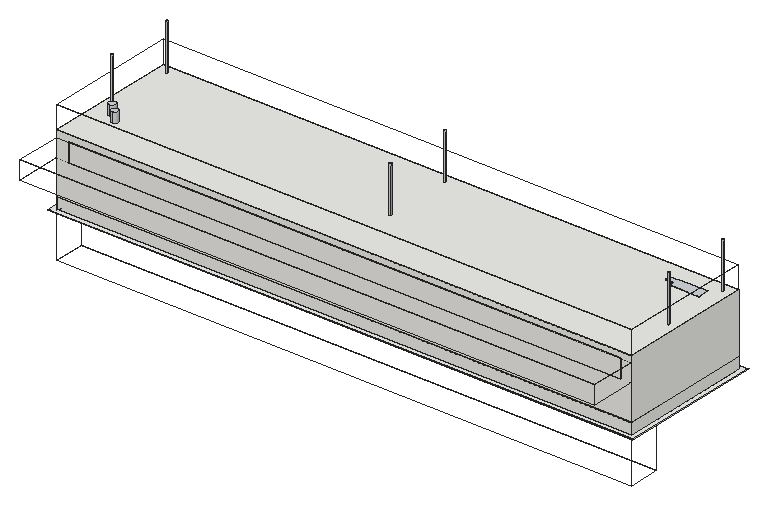
Revit family "AIRTECNICS_AIR CURTAIN_RECESSED DAM_DX-VRV_(DAIKIN)123", category Equipos mecánicos, Revit 2016 (continued)
Types (23, lengths in mm): name | Weight | Product Size | Product Reference | Product Heating | Product Description | Power Fans | Noise Level (dB(A)) | Mainfolds | M | Length | Heating Capacity | Gas Coil Volume | G | External Ut. Reference | Expansion Valve | Dn_Metric_Refrig_Gas | DX VRV | DX Kit | DX Coil Rows = 4 | DX Coil Rows = 3 | DX Coil Rows | DX 1:1 | Current Fans | L | CT | CR | CM | CH | Apparent Load | Airflow
  RDAM ECG 2000 DX24-DA | 105.00 kg | "2000" | "RDAM ECG 2000 DX24-DA" | "Direct Expansion 1:1 system" | "Compact and low profile recessed air curtain with full grille view and energy savings heat pump: Up to 70% reduction in costs and CO2 emissions (heating mode).\r\nSelf-supporting casing construction made of galvanized steel plate, ready to be installed recessed in a false ceiling. \r\nInlet grille (free of maintenance) made with aluminium profiles and blow-out nozzle, integrated in a single white frame colour RAL 9016. Other colours are available on request. \r\nDouble-inlet centrifugal fans driven by an external rotor motor and low noise level. 5-speed selector. EC models assembled with very low consumption efficiency fans. \r\nIncludes only heating direct expansion coil with installed temperature sensors. Under request it can be modified to work in cooling and heating mode (not recomended) with optional condensate water pump.\r\nPlug&Play control panel CS-5DX-NE slave DX with 5 speeds selector and 7m telephone cable included.\r\nReady to connect to DAIKIN Inverter outdoor heat pump unit (R410A) and EKEXV200 expansion valve not included, the customer should purchase it.\r\nRequires EKEQDCB DAIKIN DX Interface KIT adapted for air curtain and BRC1E53A programmable control, please consult.\r\nAir Volume: 4380 m3/h \r\nFans:  0,426 kW  3,72 A 230Vx1 50/60Hz\r\nHeating capacity: 23,63 kW\r\nDimensions: 627x310x2048 mm (depth, height, length)\r\nNOT SUPPLIED BY AIRTÈCNICS:\r\nEKEQDCB Interface DX kit and BRC1E53A programmable control.\r\nExpansion valve EKEXV200.\r\nExternal unit:\r\n ERQ 200 AW1External unit with direct expansion valve Daikin, triple phase motor 400Vx3 50Hz.\r\nHeating capacity 25kW. Heating power: 5,56kW. COP 4,5.\r\nCooling capacity 22,4kW. Cooling power 5,22kW. EER 4,29.\r\nCooling circuits 3/4\" - 3/8\".\r\nMaximum length 55m.\r\nMaximum slope 30m." | 0.426 kW | 63 | "3/4 & 3/8" | no | 2048.0 | 23.63 kW | 4.10 L | yes | "ERQ 200 AW1" | "EKEXV 200" | 20 | no | "EKEQDCB" | yes | no | 4 | yes | 3.72 A | 2000.0 | 8 | 2 | 12 | 2 | 852 VA | 4380 m³/h
  RDAM ECG 1500 VRV15-DA | 80.00 kg | "1500" | "RDAM ECG 1500 VRV15-DA" | "Direct Expansion VRV system" | "Compact and low profile recessed air curtain with full grille view and energy savings heat pump: Up to 70% reduction in costs and CO2 emissions (heating mode).\r\nSelf-supporting casing construction made of galvanized steel plate, ready to be installed recessed in a false ceiling. \r\nInlet grille (free of maintenance) made with aluminium profiles and blow-out nozzle, integrated in a single white frame colour RAL 9016. Other colours are available on request. \r\nDouble-inlet centrifugal fans driven by an external rotor motor and low noise level. 5-speed selector. EC models assembled with very low consumption efficiency fans. \r\nIncludes only heating direct expansion coil with installed temperature sensors. Under request it can be modified to work in cooling and heating mode (not recomended) with optional condensate water pump.\r\nPlug&Play control panel CS-5DX-NE slave DX with 5 speeds selector and 7m telephone cable included.\r\nReady to connect to DAIKIN VRV outdoor heat pump unit (R410A) and EKEXV125 expansion valve not included, the customer should purchase it.\r\nRequires EKEQMCBA DAIKIN VRV Interface KIT adapted for air curtain and BRC1E53A programmable control, please consult.\r\nAir Volume: 2920 m3/h \r\nFans:  0,284 kW  2,48 A 230Vx1 50/60Hz\r\nHeating capacity: 15,32 kW\r\nDimensions: 627x310x1548 mm (depth, height, length)\r\nNOT SUPPLIED BY AIRTÈCNICS:\r\nEKEQMCBA Interface VRV kit and BRC1E53A programmable control.\r\nExpansion valve EKEXV125.\r\nExternal unit VRV." | 0.284 kW | 62 | "5/8 & 3/8" | no | 1548.0 | 15.32 kW | 3.00 L | yes | "Not available" | "EKEXV 125" | 16 | yes | "EKEQMCBA" | yes | no | 4 | no | 2.48 A | 1500.0 | 4 | 2 | 12 | 4 | 568 VA | 2920 m³/h
  RDAM ECG 1500 VRV13-DA | 80.00 kg | "1500" | "RDAM ECG 1500 VRV13-DA" | "Direct Expansion VRV system" | "Compact and low profile recessed air curtain with full grille view and energy savings heat pump: Up to 70% reduction in costs and CO2 emissions (heating mode).\r\nSelf-supporting casing construction made of galvanized steel plate, ready to be installed recessed in a false ceiling. \r\nInlet grille (free of maintenance) made with aluminium profiles and blow-out nozzle, integrated in a single white frame colour RAL 9016. Other colours are available on request. \r\nDouble-inlet centrifugal fans driven by an external rotor motor and low noise level. 5-speed selector. EC models assembled with very low consumption efficiency fans. \r\nIncludes only heating direct expansion coil with installed temperature sensors. Under request it can be modified to work in cooling and heating mode (not recomended) with optional condensate water pump.\r\nPlug&Play control panel CS-5DX-NE slave DX with 5 speeds selector and 7m telephone cable included.\r\nReady to connect to DAIKIN VRV outdoor heat pump unit (R410A) and EKEXV100 expansion valve not included, the customer should purchase it.\r\nRequires EKEQMCBA DAIKIN VRV Interface KIT adapted for air curtain and BRC1E53A programmable control, please consult.\r\nAir Volume: 2920 m3/h \r\nFans:  0,284 kW  2,48 A 230Vx1 50/60Hz\r\nHeating capacity: 13,11 kW\r\nDimensions: 627x310x1548 mm (depth, height, length)\r\nNOT SUPPLIED BY AIRTÈCNICS:\r\nEKEQMCBA Interface VRV kit and BRC1E53A programmable control.\r\nExpansion valve EKEXV100.\r\nExternal unit VRV." | 0.284 kW | 62 | "5/8 & 3/8" | no | 1548.0 | 13.11 kW | 2.20 L | yes | "Not available" | "EKEXV 100" | 16 | yes | "EKEQMCBA" | no | yes | 3 | no | 2.48 A | 1500.0 | 4 | 4 | 12 | 4 | 568 VA | 2920 m³/h
  RDAM ECG 1500 DX15-DA | 80.00 kg | "1500" | "RDAM ECG 1500 DX15-DA" | "Direct Expansion 1:1 system" | "Compact and low profile recessed air curtain with full grille view and energy savings heat pump: Up to 70% reduction in costs and CO2 emissions (heating mode).\r\nSelf-supporting casing construction made of galvanized steel plate, ready to be installed recessed in a false ceiling. \r\nInlet grille (free of maintenance) made with aluminium profiles and blow-out nozzle, integrated in a single white frame colour RAL 9016. Other colours are available on request. \r\nDouble-inlet centrifugal fans driven by an external rotor motor and low noise level. 5-speed selector. EC models assembled with very low consumption efficiency fans. \r\nIncludes only heating direct expansion coil with installed temperature sensors. Under request it can be modified to work in cooling and heating mode (not recomended) with optional condensate water pump.\r\nPlug&Play control panel CS-5DX-NE slave DX with 5 speeds selector and 7m telephone cable included.\r\nReady to connect to DAIKIN Inverter outdoor heat pump unit (R410A) and EKEXV125 expansion valve not included, the customer should purchase it.\r\nRequires EKEQDCB DAIKIN DX Interface KIT adapted for air curtain and BRC1E53A programmable control, please consult.\r\nAir Volume: 2920 m3/h \r\nFans:  0,284 kW  2,48 A 230Vx1 50/60Hz\r\nHeating capacity: 15,32 kW\r\nDimensions: 627x310x1548 mm (depth, height, length)\r\nNOT SUPPLIED BY AIRTÈCNICS:\r\nEKEQDCB Interface DX kit and BRC1E53A programmable control.\r\nExpansion valve EKEXV125.\r\nExternal unit:\r\nOption 1: ERQ 125 AV1\r\nExternal unit with direct expansion valve Daikin, single phase motor 230Vx1 50Hz.\r\nHeating capacity 16kW. Heating power: 3,86kW. COP 4,15.\r\nCooling capacity 14kW. Cooling power 3,51kW. EER 3,99.\r\nCooling circuits 5/8\" - 3/8\".\r\nMaximum length 55m.\r\nMaximum slope 35m.\r\nOption 2: ERQ 125 AW1\r\nExternal unit with direct expansion valve Daikin, triple phase motor 400Vx3 50Hz.\r\nHeating capacity 16kW. Heating power: 4kW. COP 4.\r\nCooling capacity 14kW. Cooling power 3,52kW. EER 3,98.\r\nCooling circuits 5/8\" - 3/8\".\r\nMaximum length 55m.\r\nMaximum slope 30m." | 0.284 kW | 62 | "5/8 & 3/8" | no | 1548.0 | 15.32 kW | 3.00 L | yes | "ERQ 125 AW1" | "EKEXV 125" | 16 | no | "EKEQDCB" | yes | no | 4 | yes | 2.48 A | 1500.0 | 4 | 2 | 12 | 2 | 568 VA | 2920 m³/h
  RDAM ECG 1500 DX13-DA | 80.00 kg | "1500" | "RDAM ECG 1500 DX13-DA" | "Direct Expansion 1:1 system" | "Compact and low profile recessed air curtain with full grille view and energy savings heat pump: Up to 70% reduction in costs and CO2 emissions (heating mode).\r\nSelf-supporting casing construction made of galvanized steel plate, ready to be installed recessed in a false ceiling. \r\nInlet grille (free of maintenance) made with aluminium profiles and blow-out nozzle, integrated in a single white frame colour RAL 9016. Other colours are available on request. \r\nDouble-inlet centrifugal fans driven by an external rotor motor and low noise level. 5-speed selector. EC models assembled with very low consumption efficiency fans. \r\nIncludes only heating direct expansion coil with installed temperature sensors. Under request it can be modified to work in cooling and heating mode (not recomended) with optional condensate water pump.\r\nPlug&Play control panel CS-5DX-NE slave DX with 5 speeds selector and 7m telephone cable included.\r\nReady to connect to DAIKIN Inverter outdoor heat pump unit (R410A) and EKEXV100 expansion valve not included, the customer should purchase it.\r\nRequires EKEQDCB DAIKIN DX Interface KIT adapted for air curtain and BRC1E53A programmable control, please consult.\r\nAir Volume: 2920 m3/h \r\nFans:  0,284 kW  2,48 A 230Vx1 50/60Hz\r\nHeating capacity: 12,5 kW\r\nDimensions: 627x310x1548 mm (depth, height, length)\r\nNOT SUPPLIED BY AIRTÈCNICS:\r\nEKEQDCB Interface DX kit and BRC1E53A programmable control.\r\nExpansion valve EKEXV100.\r\nExternal unit:\r\n ERQ 100 AV1\r\nExternal unit with direct expansion valve Daikin, single phase motor 230Vx1 50Hz.\r\nHeating capacity 12,5kW. Heating power: 2,74kW. COP 4,56.\r\nCooling capacity 11,2kW. Cooling power 2,81kW. EER 3,99.\r\nCooling circuits 5/8\" - 3/8\".\r\nMaximum length 55m.\r\nMaximum slope 35m." | 0.284 kW | 62 | "5/8 & 3/8" | no | 1548.0 | 12.5 kW | 2.20 L | yes | "Only Single Phase" | "EKEXV 100" | 16 | no | "EKEQDCB" | no | yes | 3 | yes | 2.48 A | 1500.0 | 4 | 4 | 12 | 2 | 568 VA | 2920 m³/h
  RDAM ECG 1000 VRV10-DA | 55.00 kg | "1000" | "RDAM ECG 1000 VRV10-DA" | "Direct Expansion VRV system" | "Compact and low profile recessed air curtain with full grille view and energy savings heat pump: Up to 70% reduction in costs and CO2 emissions (heating mode).\r\nSelf-supporting casing construction made of galvanized steel plate, ready to be installed recessed in a false ceiling. \r\nInlet grille (free of maintenance) made with aluminium profiles and blow-out nozzle, integrated in a single white frame colour RAL 9016. Other colours are available on request. \r\nDouble-inlet centrifugal fans driven by an external rotor motor and low noise level. 5-speed selector. EC models assembled with very low consumption efficiency fans. \r\nIncludes only heating direct expansion coil with installed temperature sensors. Under request it can be modified to work in cooling and heating mode (not recomended) with optional condensate water pump.\r\nPlug&Play control panel CS-5DX-NE slave DX with 5 speeds selector and 7m telephone cable included.\r\nReady to connect to DAIKIN VRV outdoor heat pump unit (R410A) and EKEXV80 expansion valve not included, the customer should purchase it.\r\nRequires EKEQMCBA DAIKIN VRV Interface KIT adapted for air curtain and BRC1E53A programmable control, please consult.\r\nAir Volume: 2190 m3/h \r\nFans:  0,213 kW  1,86 A 230Vx1 50/60Hz\r\nHeating capacity: 9,70 kW\r\nDimensions: 627x310x1048 mm (depth, height, length)\r\nNOT SUPPLIED BY AIRTÈCNICS:\r\nEKEQMCBA Interface VRV kit and BRC1E53A programmable control.\r\nExpansion valve EKEXV80.\r\nExternal unit VRV." | 0.213 kW | 61 | "5/8 & 3/8" | no | 1048.0 | 9.7 kW | 1.80 L | yes | "Not available" | "EKEXV 80" | 16 | yes | "EKEQMCBA" | yes | no | 4 | no | 1.86 A | 1000.0 | 2 | 2 | 12 | 4 | 426 VA | 2190 m³/h
  RDAM ECG 1000 DX10-DA | 55.00 kg | "1000" | "RDAM ECG 1000 DX10-DA" | "Direct Expansion 1:1 system" | "Compact and low profile recessed air curtain with full grille view and energy savings heat pump: Up to 70% reduction in costs and CO2 emissions (heating mode).\r\nSelf-supporting casing construction made of galvanized steel plate, ready to be installed recessed in a false ceiling. \r\nInlet grille (free of maintenance) made with aluminium profiles and blow-out nozzle, integrated in a single white frame colour RAL 9016. Other colours are available on request. \r\nDouble-inlet centrifugal fans driven by an external rotor motor and low noise level. 5-speed selector. EC models assembled with very low consumption efficiency fans. \r\nIncludes only heating direct expansion coil with installed temperature sensors. Under request it can be modified to work in cooling and heating mode (not recomended) with optional condensate water pump.\r\nPlug&Play control panel CS-5DX-NE slave DX with 5 speeds selector and 7m telephone cable included.\r\nReady to connect to DAIKIN Inverter outdoor heat pump unit (R410A) and EKEXV80 expansion valve not included, the customer should purchase it.\r\nRequires EKEQDCB DAIKIN DX Interface KIT adapted for air curtain and BRC1E53A programmable control, please consult.\r\nAir Volume: 2190 m3/h \r\nFans:  0,213 kW  1,86 A 230Vx1 50/60Hz\r\nHeating capacity: 9,70 kW\r\nDimensions: 627x310x1048 mm (depth, height, length)\r\nNOT SUPPLIED BY AIRTÈCNICS:\r\nEKEQDCB Interface DX kit and BRC1E53A programmable control.\r\nExpansion valve EKEXV80.\r\nExternal unit:\r\n ERQ 100 AV1\r\nExternal unit with direct expansion valve Daikin, single phase motor 230Vx1 50Hz.\r\nHeating capacity 12,5kW. Heating power: 2,74kW. COP 4,56.\r\nCooling capacity 11,2kW. Cooling power 2,81kW. EER 3,99.\r\nCooling circuits 5/8\" - 3/8\".\r\nMaximum length 55m.\r\nMaximum slope 35m." | 0.213 kW | 61 | "5/8 & 3/8" | no | 1048.0 | 9.7 kW | 1.80 L | yes | "Only Single Phase" | "EKEXV 80" | 16 | no | "EKEQDCB" | yes | no | 4 | yes | 1.86 A | 1000.0 | 2 | 2 | 12 | 2 | 426 VA | 2190 m³/h
  RDAM ECM 2500 VRV24-DA | 106.00 kg | "2500" | "RDAM ECM 2500 VRV24-DA" | "Direct Expansion VRV system" | "Compact and low profile recessed air curtain with full grille view and energy savings heat pump: Up to 70% reduction in costs and CO2 emissions (heating mode).\r\nSelf-supporting casing construction made of galvanized steel plate, ready to be installed recessed in a false ceiling. \r\nInlet grille (free of maintenance) made with aluminium profiles and blow-out nozzle, integrated in a single white frame colour RAL 9016. Other colours are available on request. \r\nDouble-inlet centrifugal fans driven by an external rotor motor and low noise level. 5-speed selector. EC models assembled with very low consumption efficiency fans. \r\nIncludes only heating direct expansion coil with installed temperature sensors. Under request it can be modified to work in cooling and heating mode (not recomended) with optional condensate water pump.\r\nPlug&Play control panel CS-5DX-NE slave DX with 5 speeds selector and 7m telephone cable included.\r\nReady to connect to DAIKIN VRV outdoor heat pump unit (R410A) and EKEXV200 expansion valve not included, the customer should purchase it.\r\nRequires EKEQMCBA DAIKIN VRV Interface KIT adapted for air curtain and BRC1E53A programmable control, please consult.\r\nAir Volume: 4100 m3/h \r\nFans:  0,355 kW  3,1 A 230Vx1 50/60Hz\r\nHeating capacity: 24,38 kW\r\nDimensions: 627x310x2548 mm (depth, height, length)\r\nNOT SUPPLIED BY AIRTÈCNICS:\r\nEKEQMCBA Interface VRV kit and BRC1E53A programmable control.\r\nExpansion valve EKEXV200.\r\nExternal unit VRV." | 0.355 kW | 59 | "3/4 & 3/8" | yes | 2548.0 | 24.38 kW | 5.30 L | no | "Not available" | "EKEXV 200" | 20 | yes | "EKEQMCBA" | yes | no | 4 | no | 3.1 A | 2500.0 | 16 | 2 | 6 | 4 | 710 VA | 4100 m³/h
  RDAM ECM 2500 VRV21-DA | 106.00 kg | "2500" | "RDAM ECM 2500 VRV21-DA" | "Direct Expansion VRV system" | "Compact and low profile recessed air curtain with full grille view and energy savings heat pump: Up to 70% reduction in costs and CO2 emissions (heating mode).\r\nSelf-supporting casing construction made of galvanized steel plate, ready to be installed recessed in a false ceiling. \r\nInlet grille (free of maintenance) made with aluminium profiles and blow-out nozzle, integrated in a single white frame colour RAL 9016. Other colours are available on request. \r\nDouble-inlet centrifugal fans driven by an external rotor motor and low noise level. 5-speed selector. EC models assembled with very low consumption efficiency fans. \r\nIncludes only heating direct expansion coil with installed temperature sensors. Under request it can be modified to work in cooling and heating mode (not recomended) with optional condensate water pump.\r\nPlug&Play control panel CS-5DX-NE slave DX with 5 speeds selector and 7m telephone cable included.\r\nReady to connect to DAIKIN VRV outdoor heat pump unit (R410A) and EKEXV200 expansion valve not included, the customer should purchase it.\r\nRequires EKEQMCBA DAIKIN VRV Interface KIT adapted for air curtain and BRC1E53A programmable control, please consult.\r\nAir Volume: 4100 m3/h \r\nFans:  0,355 kW  3,1 A 230Vx1 50/60Hz\r\nHeating capacity: 21,20 kW\r\nDimensions: 627x310x2548 mm (depth, height, length)\r\nNOT SUPPLIED BY AIRTÈCNICS:\r\nEKEQMCBA Interface VRV kit and BRC1E53A programmable control.\r\nExpansion valve EKEXV200.\r\nExternal unit VRV." | 0.355 kW | 59 | "3/4 & 3/8" | yes | 2548.0 | 21.2 kW | 3.90 L | no | "Not available" | "EKEXV 200" | 20 | yes | "EKEQMCBA" | no | yes | 3 | no | 3.1 A | 2500.0 | 16 | 4 | 6 | 4 | 710 VA | 4100 m³/h
  RDAM ECM 2500 DX24-DA | 106.00 kg | "2500" | "RDAM ECM 2500 DX24-DA" | "Direct Expansion 1:1 system" | "Compact and low profile recessed air curtain with full grille view and energy savings heat pump: Up to 70% reduction in costs and CO2 emissions (heating mode).\r\nSelf-supporting casing construction made of galvanized steel plate, ready to be installed recessed in a false ceiling. \r\nInlet grille (free of maintenance) made with aluminium profiles and blow-out nozzle, integrated in a single white frame colour RAL 9016. Other colours are available on request. \r\nDouble-inlet centrifugal fans driven by an external rotor motor and low noise level. 5-speed selector. EC models assembled with very low consumption efficiency fans. \r\nIncludes only heating direct expansion coil with installed temperature sensors. Under request it can be modified to work in cooling and heating mode (not recomended) with optional condensate water pump.\r\nPlug&Play control panel CS-5DX-NE slave DX with 5 speeds selector and 7m telephone cable included.\r\nReady to connect to DAIKIN Inverter outdoor heat pump unit (R410A) and EKEXV200 expansion valve not included, the customer should purchase it.\r\nRequires EKEQDCB DAIKIN DX Interface KIT adapted for air curtain and BRC1E53A programmable control, please consult.\r\nAir Volume: 4100 m3/h \r\nFans:  0,355 kW  3,1 A 230Vx1 50/60Hz\r\nHeating capacity: 24,38 kW\r\nDimensions: 627x310x2548 mm (depth, height, length)\r\nNOT SUPPLIED BY AIRTÈCNICS:\r\nEKEQDCB Interface DX kit and BRC1E53A programmable control.\r\nExpansion valve EKEXV200.\r\nExternal unit:\r\n ERQ 200 AW1External unit with direct expansion valve Daikin, triple phase motor 400Vx3 50Hz.\r\nHeating capacity 25kW. Heating power: 5,56kW. COP 4,5.\r\nCooling capacity 22,4kW. Cooling power 5,22kW. EER 4,29.\r\nCooling circuits 3/4\" - 3/8\".\r\nMaximum length 55m.\r\nMaximum slope 30m." | 0.355 kW | 59 | "3/4 & 3/8" | yes | 2548.0 | 24.38 kW | 5.30 L | no | "ERQ 200 AW1" | "EKEXV 200" | 20 | no | "EKEQDCB" | yes | no | 4 | yes | 3.1 A | 2500.0 | 16 | 2 | 6 | 2 | 710 VA | 4100 m³/h
  RDAM ECM 2000 VRV19-DA | 95.00 kg | "2000" | "RDAM ECM 2000 VRV19-DA" | "Direct Expansion VRV system" | "Compact and low profile recessed air curtain with full grille view and energy savings heat pump: Up to 70% reduction in costs and CO2 emissions (heating mode).\r\nSelf-supporting casing construction made of galvanized steel plate, ready to be installed recessed in a false ceiling. \r\nInlet grille (free of maintenance) made with aluminium profiles and blow-out nozzle, integrated in a single white frame colour RAL 9016. Other colours are available on request. \r\nDouble-inlet centrifugal fans driven by an external rotor motor and low noise level. 5-speed selector. EC models assembled with very low consumption efficiency fans. \r\nIncludes only heating direct expansion coil with installed temperature sensors. Under request it can be modified to work in cooling and heating mode (not recomended) with optional condensate water pump.\r\nPlug&Play control panel CS-5DX-NE slave DX with 5 speeds selector and 7m telephone cable included.\r\nReady to connect to DAIKIN VRV outdoor heat pump unit (R410A) and EKEXV140 expansion valve not included, the customer should purchase it.\r\nRequires EKEQMCBA DAIKIN VRV Interface KIT adapted for air curtain and BRC1E53A programmable control, please consult.\r\nAir Volume: 3280 m3/h \r\nFans:  0,284 kW  2,48 A 230Vx1 50/60Hz\r\nHeating capacity: 18,96 kW\r\nDimensions: 627x310x2048 mm (depth, height, length)\r\nNOT SUPPLIED BY AIRTÈCNICS:\r\nEKEQMCBA Interface VRV kit and BRC1E53A programmable control.\r\nExpansion valve EKEXV140.\r\nExternal unit VRV." | 0.284 kW | 58 | "3/4 & 3/8" | yes | 2048.0 | 18.96 kW | 4.10 L | no | "Not available" | "EKEXV 140" | 20 | yes | "EKEQMCBA" | yes | no | 4 | no | 2.48 A | 2000.0 | 8 | 2 | 6 | 4 | 568 VA | 3280 m³/h
  RDAM ECM 2000 VRV16-DA | 95.00 kg | "2000" | "RDAM ECM 2000 VRV16-DA" | "Direct Expansion VRV system" | "Compact and low profile recessed air curtain with full grille view and energy savings heat pump: Up to 70% reduction in costs and CO2 emissions (heating mode).\r\nSelf-supporting casing construction made of galvanized steel plate, ready to be installed recessed in a false ceiling. \r\nInlet grille (free of maintenance) made with aluminium profiles and blow-out nozzle, integrated in a single white frame colour RAL 9016. Other colours are available on request. \r\nDouble-inlet centrifugal fans driven by an external rotor motor and low noise level. 5-speed selector. EC models assembled with very low consumption efficiency fans. \r\nIncludes only heating direct expansion coil with installed temperature sensors. Under request it can be modified to work in cooling and heating mode (not recomended) with optional condensate water pump.\r\nPlug&Play control panel CS-5DX-NE slave DX with 5 speeds selector and 7m telephone cable included.\r\nReady to connect to DAIKIN VRV outdoor heat pump unit (R410A) and EKEXV125 expansion valve not included, the customer should purchase it.\r\nRequires EKEQMCBA DAIKIN VRV Interface KIT adapted for air curtain and BRC1E53A programmable control, please consult.\r\nAir Volume: 3280 m3/h \r\nFans:  0,284 kW  2,48 A 230Vx1 50/60Hz\r\nHeating capacity: 16,44 kW\r\nDimensions: 627x310x2048 mm (depth, height, length)\r\nNOT SUPPLIED BY AIRTÈCNICS:\r\nEKEQMCBA Interface VRV kit and BRC1E53A programmable control.\r\nExpansion valve EKEXV125.\r\nExternal unit VRV." | 0.284 kW | 58 | "3/4 & 3/8" | yes | 2048.0 | 16.44 kW | 3.10 L | no | "Not available" | "EKEXV 125" | 20 | yes | "EKEQMCBA" | no | yes | 3 | no | 2.48 A | 2000.0 | 8 | 4 | 6 | 4 | 568 VA | 3280 m³/h
  RDAM ECM 2000 DX18-DA | 95.00 kg | "2000" | "RDAM ECM 2000 DX18-DA" | "Direct Expansion 1:1 system" | "Compact and low profile recessed air curtain with full grille view and energy savings heat pump: Up to 70% reduction in costs and CO2 emissions (heating mode).\r\nSelf-supporting casing construction made of galvanized steel plate, ready to be installed recessed in a false ceiling. \r\nInlet grille (free of maintenance) made with aluminium profiles and blow-out nozzle, integrated in a single white frame colour RAL 9016. Other colours are available on request. \r\nDouble-inlet centrifugal fans driven by an external rotor motor and low noise level. 5-speed selector. EC models assembled with very low consumption efficiency fans. \r\nIncludes only heating direct expansion coil with installed temperature sensors. Under request it can be modified to work in cooling and heating mode (not recomended) with optional condensate water pump.\r\nPlug&Play control panel CS-5DX-NE slave DX with 5 speeds selector and 7m telephone cable included.\r\nReady to connect to DAIKIN Inverter outdoor heat pump unit (R410A) and EKEXV140 expansion valve not included, the customer should purchase it.\r\nRequires EKEQDCB DAIKIN DX Interface KIT adapted for air curtain and BRC1E53A programmable control, please consult.\r\nAir Volume: 3280 m3/h \r\nFans:  0,284 kW  2,48 A 230Vx1 50/60Hz\r\nHeating capacity: 18,00 kW\r\nDimensions: 627x310x2048 mm (depth, height, length)\r\nNOT SUPPLIED BY AIRTÈCNICS:\r\nEKEQDCB Interface DX kit and BRC1E53A programmable control.\r\nExpansion valve EKEXV140.\r\nExternal unit:\r\n ERQ 140 AV1\r\nExternal unit with direct expansion valve Daikin, single phase motor 230Vx1 50Hz.\r\nHeating capacity 18kW. Heating power: 4,57kW. COP 3,94.\r\nCooling capacity 15,5kW. Cooling power 4,53kW. EER 3,42.\r\nCooling circuits 3/4\" - 3/8\".\r\nMaximum length 55m.\r\nMaximum slope 35m." | 0.284 kW | 58 | "3/4 & 3/8" | yes | 2048.0 | 18 kW | 4.10 L | no | "Only Single Phase" | "EKEXV 140" | 20 | no | "EKEQDCB" | yes | no | 4 | yes | 2.48 A | 2000.0 | 8 | 2 | 6 | 2 | 568 VA | 3280 m³/h
  RDAM ECM 2000 DX16-DA | 95.00 kg | "2000" | "RDAM ECM 2000 DX16-DA" | "Direct Expansion 1:1 system" | "Compact and low profile recessed air curtain with full grille view and energy savings heat pump: Up to 70% reduction in costs and CO2 emissions (heating mode).\r\nSelf-supporting casing construction made of galvanized steel plate, ready to be installed recessed in a false ceiling. \r\nInlet grille (free of maintenance) made with aluminium profiles and blow-out nozzle, integrated in a single white frame colour RAL 9016. Other colours are available on request. \r\nDouble-inlet centrifugal fans driven by an external rotor motor and low noise level. 5-speed selector. EC models assembled with very low consumption efficiency fans. \r\nIncludes only heating direct expansion coil with installed temperature sensors. Under request it can be modified to work in cooling and heating mode (not recomended) with optional condensate water pump.\r\nPlug&Play control panel CS-5DX-NE slave DX with 5 speeds selector and 7m telephone cable included.\r\nReady to connect to DAIKIN Inverter outdoor heat pump unit (R410A) and EKEXV125 expansion valve not included, the customer should purchase it.\r\nRequires EKEQDCB DAIKIN DX Interface KIT adapted for air curtain and BRC1E53A programmable control, please consult.\r\nAir Volume: 3280 m3/h \r\nFans:  0,284 kW  2,48 A 230Vx1 50/60Hz\r\nHeating capacity: 16,00 kW\r\nDimensions: 627x310x2048 mm (depth, height, length)\r\nNOT SUPPLIED BY AIRTÈCNICS:\r\nEKEQDCB Interface DX kit and BRC1E53A programmable control.\r\nExpansion valve EKEXV125.\r\nExternal unit:\r\nOption 1: ERQ 125 AV1\r\nExternal unit with direct expansion valve Daikin, single phase motor 230Vx1 50Hz.\r\nHeating capacity 16kW. Heating power: 3,86kW. COP 4,15.\r\nCooling capacity 14kW. Cooling power 3,51kW. EER 3,99.\r\nCooling circuits 5/8\" - 3/8\".\r\nMaximum length 55m.\r\nMaximum slope 35m.\r\nOption 2: ERQ 125 AW1\r\nExternal unit with direct expansion valve Daikin, triple phase motor 400Vx3 50Hz.\r\nHeating capacity 16kW. Heating power: 4kW. COP 4.\r\nCooling capacity 14kW. Cooling power 3,52kW. EER 3,98.\r\nCooling circuits 5/8\" - 3/8\".\r\nMaximum length 55m.\r\nMaximum slope 30m." | 0.284 kW | 58 | "5/8 & 3/8" | yes | 2048.0 | 16 kW | 3.10 L | no | "ERQ 125 AW1" | "EKEXV 125" | 16 | no | "EKEQDCB" | no | yes | 3 | yes | 2.48 A | 2000.0 | 8 | 4 | 6 | 2 | 568 VA | 3280 m³/h
  RDAM ECM 1500 VRV12-DA | 74.00 kg | "1500" | "RDAM ECM 1500 VRV12-DA" | "Direct Expansion VRV system" | "Compact and low profile recessed air curtain with full grille view and energy savings heat pump: Up to 70% reduction in costs and CO2 emissions (heating mode).\r\nSelf-supporting casing construction made of galvanized steel plate, ready to be installed recessed in a false ceiling. \r\nInlet grille (free of maintenance) made with aluminium profiles and blow-out nozzle, integrated in a single white frame colour RAL 9016. Other colours are available on request. \r\nDouble-inlet centrifugal fans driven by an external rotor motor and low noise level. 5-speed selector. EC models assembled with very low consumption efficiency fans. \r\nIncludes only heating direct expansion coil with installed temperature sensors. Under request it can be modified to work in cooling and heating mode (not recomended) with optional condensate water pump.\r\nPlug&Play control panel CS-5DX-NE slave DX with 5 speeds selector and 7m telephone cable included.\r\nReady to connect to DAIKIN VRV outdoor heat pump unit (R410A) and EKEXV100 expansion valve not included, the customer should purchase it.\r\nRequires EKEQMCBA DAIKIN VRV Interface KIT adapted for air curtain and BRC1E53A programmable control, please consult.\r\nAir Volume: 2460 m3/h \r\nFans:  0,213 kW  1,86 A 230Vx1 50/60Hz\r\nHeating capacity: 13,47 kW\r\nDimensions: 627x310x1548 mm (depth, height, length)\r\nNOT SUPPLIED BY AIRTÈCNICS:\r\nEKEQMCBA Interface VRV kit and BRC1E53A programmable control.\r\nExpansion valve EKEXV100.\r\nExternal unit VRV." | 0.213 kW | 57 | "5/8 & 3/8" | yes | 1548.0 | 11.61 kW | 2.20 L | no | "Not available" | "EKEXV 100" | 16 | yes | "EKEQMCBA" | no | yes | 3 | no | 1.86 A | 1500.0 | 4 | 4 | 6 | 4 | 426 VA | 2460 m³/h
  RDAM ECM 1500 DX13-DA | 74.00 kg | "1500" | "RDAM ECM 1500 DX13-DA" | "Direct Expansion 1:1 system" | "Compact and low profile recessed air curtain with full grille view and energy savings heat pump: Up to 70% reduction in costs and CO2 emissions (heating mode).\r\nSelf-supporting casing construction made of galvanized steel plate, ready to be installed recessed in a false ceiling. \r\nInlet grille (free of maintenance) made with aluminium profiles and blow-out nozzle, integrated in a single white frame colour RAL 9016. Other colours are available on request. \r\nDouble-inlet centrifugal fans driven by an external rotor motor and low noise level. 5-speed selector. EC models assembled with very low consumption efficiency fans. \r\nIncludes only heating direct expansion coil with installed temperature sensors. Under request it can be modified to work in cooling and heating mode (not recomended) with optional condensate water pump.\r\nPlug&Play control panel CS-5DX-NE slave DX with 5 speeds selector and 7m telephone cable included.\r\nReady to connect to DAIKIN Inverter outdoor heat pump unit (R410A) and EKEXV100 expansion valve not included, the customer should purchase it.\r\nRequires EKEQDCB DAIKIN DX Interface KIT adapted for air curtain and BRC1E53A programmable control, please consult.\r\nAir Volume: 2460 m3/h \r\nFans:  0,213 kW  1,86 A 230Vx1 50/60Hz\r\nHeating capacity: 12,5 kW\r\nDimensions: 627x310x1548 mm (depth, height, length)\r\nNOT SUPPLIED BY AIRTÈCNICS:\r\nEKEQDCB Interface DX kit and BRC1E53A programmable control.\r\nExpansion valve EKEXV100.\r\nExternal unit:\r\n ERQ 100 AV1\r\nExternal unit with direct expansion valve Daikin, single phase motor 230Vx1 50Hz.\r\nHeating capacity 12,5kW. Heating power: 2,74kW. COP 4,56.\r\nCooling capacity 11,2kW. Cooling power 2,81kW. EER 3,99.\r\nCooling circuits 5/8\" - 3/8\".\r\nMaximum length 55m.\r\nMaximum slope 35m." | 0.213 kW | 57 | "5/8 & 3/8" | yes | 1548.0 | 12.5 kW | 3.00 L | no | "Only Single Phase" | "EKEXV 100" | 16 | no | "EKEQDCB" | yes | no | 4 | yes | 1.86 A | 1500.0 | 4 | 2 | 6 | 2 | 426 VA | 2460 m³/h
  RDAM ECM 1000 VRV8-DA | 50.00 kg | "1000" | "RDAM ECM 1000 VRV8-DA" | "Direct Expansion VRV system" | "Compact and low profile recessed air curtain with full grille view and energy savings heat pump: Up to 70% reduction in costs and CO2 emissions (heating mode).\r\nSelf-supporting casing construction made of galvanized steel plate, ready to be installed recessed in a false ceiling. \r\nInlet grille (free of maintenance) made with aluminium profiles and blow-out nozzle, integrated in a single white frame colour RAL 9016. Other colours are available on request. \r\nDouble-inlet centrifugal fans driven by an external rotor motor and low noise level. 5-speed selector. EC models assembled with very low consumption efficiency fans. \r\nIncludes only heating direct expansion coil with installed temperature sensors. Under request it can be modified to work in cooling and heating mode (not recomended) with optional condensate water pump.\r\nPlug&Play control panel CS-5DX-NE slave DX with 5 speeds selector and 7m telephone cable included.\r\nReady to connect to DAIKIN VRV outdoor heat pump unit (R410A) and EKEXV63 expansion valve not included, the customer should purchase it.\r\nRequires EKEQMCBA DAIKIN VRV Interface KIT adapted for air curtain and BRC1E53A programmable control, please consult.\r\nAir Volume: 1640 m3/h \r\nFans:  0,142 kW  1,24 A 230Vx1 50/60Hz\r\nHeating capacity: 7,90 kW\r\nDimensions: 627x310x1048 mm (depth, height, length)\r\nNOT SUPPLIED BY AIRTÈCNICS:\r\nEKEQMCBA Interface VRV kit and BRC1E53A programmable control.\r\nExpansion valve EKEXV63.\r\nExternal unit VRV." | 0.142 kW | 56 | "5/8 & 3/8" | yes | 1048.0 | 7.9 kW | 1.80 L | no | "Not available" | "EKEXV 63" | 16 | yes | "EKEQMCBA" | yes | no | 4 | no | 1.24 A | 1000.0 | 2 | 2 | 6 | 4 | 284 VA | 1640 m³/h
